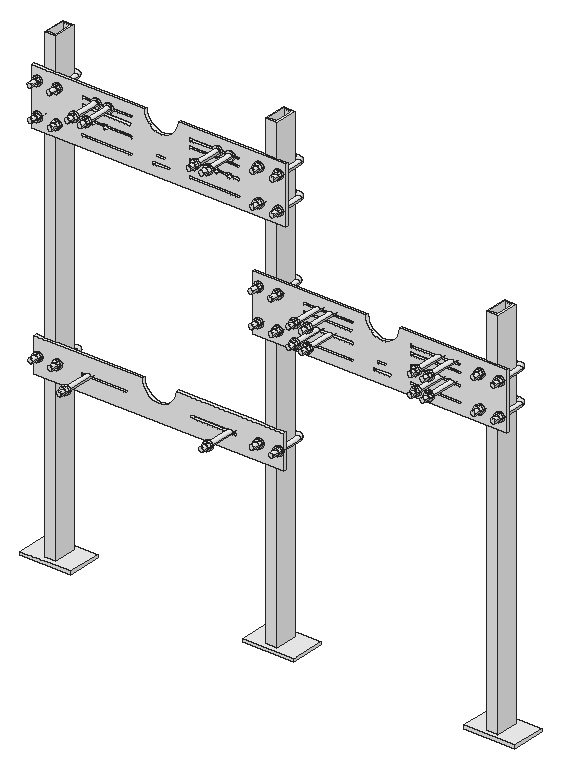
Revit family "Plumbing Fixture-Water_Closet_Carrier_Mifab_MC-33-2", category Plumbing Fixtures, host Face, Revit 2013
Parameters
  WFU = 0
  URL = "www.mifab.com"
  Model = "MC-33-2"
  Manufacturer = "MIFAB"
  Floor Drain Material = Paint - Sherwin Williams Paint - #952C2A - Bellwood Red
  Description = "Hanger Plate Carrier With Bearing Plate And Three Uprights"
  Default Elevation = 0.000"
  Assembly Code = ""
Reference planes (in)
  plane 1 "Center (Front/Back)": y = 0
  plane 2: z = 0
  plane 3 "Center (Left/Right)": x = 0
  plane 4: x = -19.62
  plane 5: x = 19.62
Forms (in)
  Extrusion 1, solid, material "Paint - Sherwin Williams Paint - #952C2A - Bellwood Red" <- "Floor Drain Material"
    sketch origin (-8.375, 0, 0) x (1, 0, 0) y (0, 1, 0)
      loop
        line (-13.495, 1.5) -> (-13.495, -1.5) -> (-8.995, -1.5) -> (-8.995, 1.5) -> (-13.495, 1.5)
      loop
        line (10.75, 1.5) -> (6.25, 1.5) -> (6.25, -1.5) -> (10.75, -1.5) -> (10.75, 1.5)
    from 0 to 0.25
  Extrusion 2, solid, material "Paint - Sherwin Williams Paint - #952C2A - Bellwood Red" <- "Floor Drain Material"
    sketch origin (-8.5, 0, 0) x (1, 0, 0) y (0, 1, 0)
      loop
        line (-11.62, 1) -> (-11.62, -1) -> (-10.62, -1) -> (-10.62, 1) -> (-11.62, 1)
      loop
        line (9, 1) -> (8, 1) -> (8, -1) -> (9, -1) -> (9, 1)
      loop
        line (-11.495, 0.875) -> (-11.495, -0.875) -> (-10.745, -0.875) -> (-10.745, 0.875) -> (-11.495, 0.875)
      loop
        line (8.875, 0.875) -> (8.125, 0.875) -> (8.125, -0.875) -> (8.875, -0.875) -> (8.875, 0.875)
    from 0.25 to 42
  Extrusion 3, solid, material "Paint - Sherwin Williams Paint - #952C2A - Bellwood Red" <- "Floor Drain Material"
    sketch origin (-8.45325, -1.5, 0) x (1, 0, 0) y (0, 0, 1)
      loop
        line (-12.58259, 39.14334) -> (-12.58259, 34.14334) -> (9.93635, 34.14334) -> (9.93635, 39.14334) -> (0.43635, 39.14334)
        arc (0.43635, 39.14334) -> (-1.06365, 37.64334) -> (-2.56365, 39.14334) r 1.5
        line (-2.56365, 39.14334) -> (-12.58259, 39.14334)
      loop
        circle (9.37144, 38.14334) r 0.25
      loop
        circle (7.62856, 38.14334) r 0.25
      loop
        line (5.79596, 38.25737) -> (5.275, 38.25737) -> (1.55275, 38.25737)
        arc (1.55275, 38.25737) -> (1.42775, 38.13237) -> (1.55275, 38.00737) r 0.125
        line (1.55275, 38.00737) -> (5.27785, 38.00737) -> (5.79596, 38.00737)
        arc (5.79596, 38.00737) -> (5.92096, 38.13237) -> (5.79596, 38.25737) r 0.125
      loop
        arc (-7.97644, 38.26834) -> (-8.10144, 38.14334) -> (-7.97644, 38.01834) r 0.125
        line (-7.97644, 38.01834) -> (-7.34088, 38.01834) -> (-3.73202, 38.01834)
        arc (-3.73202, 38.01834) -> (-3.60702, 38.14334) -> (-3.73202, 38.26834) r 0.125
        line (-3.73202, 38.26834) -> (-7.33802, 38.26834) -> (-7.97644, 38.26834)
      loop
        circle (9.37144, 35.14334) r 0.25
      loop
        circle (7.62856, 35.14334) r 0.25
      loop
        arc (5.81084, 35.01834) -> (5.93584, 35.14334) -> (5.81084, 35.26834) r 0.125
        line (5.81084, 35.26834) -> (1.56092, 35.26834)
        arc (1.56092, 35.26834) -> (1.43592, 35.14334) -> (1.56092, 35.01834) r 0.125
        line (1.56092, 35.01834) -> (5.81084, 35.01834)
      loop
        line (-7.98671, 35.01834) -> (-5.78802, 35.01834) -> (-3.73202, 35.01834)
        arc (-3.73202, 35.01834) -> (-3.60702, 35.14334) -> (-3.73202, 35.26834) r 0.125
        line (-3.73202, 35.26834) -> (-5.78517, 35.26834) -> (-7.98671, 35.26834)
        arc (-7.98671, 35.26834) -> (-8.11171, 35.14334) -> (-7.98671, 35.01834) r 0.125
      loop
        arc (-7.94106, 36.64334) -> (-8.06606, 36.51834) -> (-7.94106, 36.39334) r 0.125
        line (-7.94106, 36.39334) -> (-7.34088, 36.39334)
        arc (-7.34088, 36.39334) -> (-7.12296, 36.26587) -> (-6.90505, 36.39334) r 0.25
        line (-6.90505, 36.39334) -> (-6.221, 36.39334)
        arc (-6.221, 36.39334) -> (-6.00309, 36.26587) -> (-5.78517, 36.39334) r 0.25
        line (-5.78517, 36.39334) -> (-3.73202, 36.39334)
        arc (-3.73202, 36.39334) -> (-3.60702, 36.51834) -> (-3.73202, 36.64334) r 0.125
        line (-3.73202, 36.64334) -> (-5.78802, 36.64334)
        arc (-5.78802, 36.64334) -> (-6.00309, 36.76587) -> (-6.21815, 36.64334) r 0.25
        line (-6.21815, 36.64334) -> (-6.9079, 36.64334)
        arc (-6.9079, 36.64334) -> (-7.12296, 36.76587) -> (-7.33802, 36.64334) r 0.25
        line (-7.33802, 36.64334) -> (-7.94106, 36.64334)
      loop
        line (5.80154, 37.625) -> (5.14506, 37.625) -> (1.53905, 37.625)
        arc (1.53905, 37.625) -> (1.41405, 37.5) -> (1.53905, 37.375) r 0.125
        line (1.53905, 37.375) -> (5.14791, 37.375) -> (5.80154, 37.375)
        arc (5.80154, 37.375) -> (5.92654, 37.5) -> (5.80154, 37.625) r 0.125
      loop
        arc (-7.93631, 37.625) -> (-8.06131, 37.5) -> (-7.93631, 37.375) r 0.125
        line (-7.93631, 37.375) -> (-7.47082, 37.375) -> (-3.86196, 37.375)
        arc (-3.86196, 37.375) -> (-3.73696, 37.5) -> (-3.86196, 37.625) r 0.125
        line (-3.86196, 37.625) -> (-7.46796, 37.625) -> (-7.93631, 37.625)
      loop
        line (5.80375, 36.64334) -> (5.1815, 36.64334)
        arc (5.1815, 36.64334) -> (4.96643, 36.76587) -> (4.75137, 36.64334) r 0.25
        line (4.75137, 36.64334) -> (4.06162, 36.64334)
        arc (4.06162, 36.64334) -> (3.84656, 36.76587) -> (3.63149, 36.64334) r 0.25
        line (3.63149, 36.64334) -> (1.57549, 36.64334)
        arc (1.57549, 36.64334) -> (1.45049, 36.51834) -> (1.57549, 36.39334) r 0.125
        line (1.57549, 36.39334) -> (3.62864, 36.39334)
        arc (3.62864, 36.39334) -> (3.84656, 36.26587) -> (4.06447, 36.39334) r 0.25
        line (4.06447, 36.39334) -> (4.74852, 36.39334)
        arc (4.74852, 36.39334) -> (4.96643, 36.26587) -> (5.18435, 36.39334) r 0.25
        line (5.18435, 36.39334) -> (5.80375, 36.39334)
        arc (5.80375, 36.39334) -> (5.92875, 36.51834) -> (5.80375, 36.64334) r 0.125
      loop
        arc (-1.72687, 35.26834) -> (-1.85187, 35.14334) -> (-1.72687, 35.01834) r 0.125
        line (-1.72687, 35.01834) -> (-0.40043, 35.01834)
        arc (-0.40043, 35.01834) -> (-0.27543, 35.14334) -> (-0.40043, 35.26834) r 0.125
        line (-0.40043, 35.26834) -> (-1.72687, 35.26834)
      loop
        arc (-1.34624, 35.95824) -> (-1.47124, 35.83324) -> (-1.34624, 35.70824) r 0.125
        line (-1.34624, 35.70824) -> (-0.78106, 35.70824)
        arc (-0.78106, 35.70824) -> (-0.65606, 35.83324) -> (-0.78106, 35.95824) r 0.125
        line (-0.78106, 35.95824) -> (-1.34624, 35.95824)
      loop
        line (-12.38517, 17.66068) -> (-12.38517, 14.66068) -> (9.75, 14.66068) -> (9.75, 17.66068) -> (0.25, 17.66068)
        arc (0.25, 17.66068) -> (-1.25, 16.16068) -> (-2.75, 17.66068) r 1.5
        line (-2.75, 17.66068) -> (-12.38517, 17.66068)
      loop
        circle (9.37144, 16.14234) r 0.25
      loop
        circle (7.62856, 16.14234) r 0.25
      loop
        circle (-11.9745, 16.16441) r 0.25
      loop
        circle (-10.23161, 16.16441) r 0.25
      loop
        line (5.54399, 16.26734) -> (5.275, 16.26734)
        arc (5.275, 16.26734) -> (5.05994, 16.38987) -> (4.84488, 16.26734) r 0.25
        line (4.84488, 16.26734) -> (4.15512, 16.26734) -> (1.66899, 16.26734)
        arc (1.66899, 16.26734) -> (1.54399, 16.14234) -> (1.66899, 16.01734) r 0.125
        line (1.66899, 16.01734) -> (4.15797, 16.01734) -> (4.84203, 16.01734)
        arc (4.84203, 16.01734) -> (5.05994, 15.88987) -> (5.27785, 16.01734) r 0.25
        line (5.27785, 16.01734) -> (5.54399, 16.01734)
        arc (5.54399, 16.01734) -> (5.66899, 16.14234) -> (5.54399, 16.26734) r 0.125
      loop
        arc (-8.044, 16.26734) -> (-8.169, 16.14234) -> (-8.044, 16.01734) r 0.125
        line (-8.044, 16.01734) -> (-7.77786, 16.01734)
        arc (-7.77786, 16.01734) -> (-7.55995, 15.88987) -> (-7.34203, 16.01734) r 0.25
        line (-7.34203, 16.01734) -> (-6.65798, 16.01734) -> (-4.169, 16.01734)
        arc (-4.169, 16.01734) -> (-4.044, 16.14234) -> (-4.169, 16.26734) r 0.125
        line (-4.169, 16.26734) -> (-6.65513, 16.26734) -> (-7.34488, 16.26734)
        arc (-7.34488, 16.26734) -> (-7.55995, 16.38987) -> (-7.77501, 16.26734) r 0.25
        line (-7.77501, 16.26734) -> (-8.044, 16.26734)
    from -0.5 to -0.25
  Sweep 4, solid, material "Paint - Sherwin Williams Paint - #952C2A - Bellwood Red" <- "Floor Drain Material"
    path origin (-8.45325, 0, 0.48355) x (1, 0, 0) y (0, 1, 0)
      loop
        line (-12.03819, -2.1899) -> (-12.03819, 0.8101)
        arc (-12.03819, 0.8101) -> (-11.90935, 1.12116) -> (-11.5983, 1.25) r 0.4399
        line (-11.5983, 1.25) -> (-10.73521, 1.25)
        arc (-10.73521, 1.25) -> (-10.42415, 1.12116) -> (-10.29531, 0.8101) r 0.4399
        line (-10.29531, 0.8101) -> (-10.29531, -2.1899)
    profile origin (-20.49144, -0.6899, 0.48355) x (-1, 0, 0) y (0, 0, 1)
      loop
        circle (0, 37.63699) r 0.2
  Sweep 5, solid, material "Paint - Sherwin Williams Paint - #952C2A - Bellwood Red" <- "Floor Drain Material"
    path origin (-8.44915, 0.11634, 0.49005) x (-1, 0, 0) y (0, 1, 0)
      loop
        line (-9.37144, -2.1899) -> (-9.37144, 0.8101)
        arc (-9.37144, 0.8101) -> (-9.2426, 1.12116) -> (-8.93154, 1.25) r 0.4399
        line (-8.93154, 1.25) -> (-8.06846, 1.25)
        arc (-8.06846, 1.25) -> (-7.7574, 1.12116) -> (-7.62856, 0.8101) r 0.4399
        line (-7.62856, 0.8101) -> (-7.62856, -2.1899)
    profile origin (0.92229, -0.57356, 0.49005) x (-1, 0, 0) y (0, 0, 1)
      loop
        circle (0, 37.63699) r 0.2
  Extrusion 6, solid
    sketch origin (-8.45325, 0, 1.87253) x (1, 0, 0) y (0, 0, 1)
      loop
        circle (-12.03911, 36.22814) r 0.37861
      loop
        circle (-10.29547, 36.24287) r 0.37861
      loop
        circle (7.61517, 36.28023) r 0.37861
      loop
        circle (9.3588, 36.28812) r 0.37861
    from 1.25 to 1.375
  Extrusion 7, solid
    sketch origin (-8.45325, -2.25, 1.87253) x (1, 0, 0) y (0, 0, -1)
      loop
        circle (-12.02274, -36.25) r 0.37861
      loop
        circle (-10.27986, -36.25) r 0.37861
      loop
        circle (7.62856, -36.25) r 0.37861
      loop
        circle (9.37144, -36.25) r 0.37861
    from 1.25 to 1.375
  Extrusion 8, solid, material "Paint - Sherwin Williams Paint - #952C2A - Bellwood Red" <- "Floor Drain Material"
    sketch origin (-8.45325, 0, 0.5) x (1, 0, 0) y (0, 0, 1)
      loop
        circle (-5.72271, 37.62253) r 0.2
      loop
        circle (-6.84259, 37.62253) r 0.2
      loop
        circle (3.94006, 37.62253) r 0.2
      loop
        circle (5.05994, 37.62253) r 0.2
    from 0.73281 to 4.48435
  Extrusion 9, solid, material "Paint - Sherwin Williams Paint - #952C2A - Bellwood Red" <- "Floor Drain Material"
    sketch origin (-4.14174, -2.4273, -1.05033) x (1, 0, 0) y (0, 0, 1)
      loop
        line (-10.96815, 39.44845) -> (-11.34004, 39.44845) -> (-11.49915, 39.17286) -> (-11.32662, 38.87403) -> (-10.98157, 38.87403) -> (-10.80904, 39.17286) -> (-10.96815, 39.44845)
      loop
        circle (-11.15409, 39.17286) r 0.2
      loop
        line (-9.86169, 39.47169) -> (-10.20675, 39.47169) -> (-10.37928, 39.17286) -> (-10.20675, 38.87403) -> (-9.86169, 38.87403) -> (-9.68916, 39.17286) -> (-9.86169, 39.47169)
      loop
        circle (-10.03422, 39.17286) r 0.2
      loop
        line (-0.19891, 39.47169) -> (-0.54397, 39.47169) -> (-0.7165, 39.17286) -> (-0.54397, 38.87403) -> (-0.19891, 38.87403) -> (-0.02638, 39.17286) -> (-0.19891, 39.47169)
      loop
        circle (-0.37144, 39.17286) r 0.2
      loop
        line (0.92097, 39.47169) -> (0.57591, 39.47169) -> (0.40338, 39.17286) -> (0.57591, 38.87403) -> (0.92097, 38.87403) -> (1.09349, 39.17286) -> (0.92097, 39.47169)
      loop
        circle (0.74844, 39.17286) r 0.2
    from 1.375 to 1.625
  Extrusion 10, solid, material "Paint - Sherwin Williams Paint - #952C2A - Bellwood Red" <- "Floor Drain Material"
    sketch origin (-4.14174, 0, -1.05033) x (1, 0, 0) y (0, 0, 1)
      loop
        circle (-11.15409, 39.17286) r 0.37857
      loop
        circle (-10.03422, 39.17286) r 0.37857
      loop
        circle (-0.37144, 39.17286) r 0.37857
      loop
        circle (0.74844, 39.17286) r 0.37857
    from 1.25 to 1.375
  Extrusion 11, solid, material "Paint - Sherwin Williams Paint - #952C2A - Bellwood Red" <- "Floor Drain Material"
    sketch origin (-5.9244, -2.43499, -1.05033) x (1, 0, 0) y (0, 0, 1)
      loop
        circle (-9.37144, 39.17286) r 0.37857
      loop
        circle (-8.25156, 39.17286) r 0.37857
      loop
        circle (1.38443, 39.19154) r 0.37857
      loop
        circle (2.53025, 39.1717) r 0.37857
    from 1.25 to 1.36732
  Extrusion 12, solid, material "Paint - Sherwin Williams Paint - #952C2A - Bellwood Red" <- "Floor Drain Material"
    sketch origin (3.12, 0, 0) x (1, 0, 0) y (0, 1, 0)
      loop
        line (17, 1) -> (16, 1) -> (16, -1) -> (17, -1) -> (17, 1)
      loop
        line (16.875, 0.875) -> (16.125, 0.875) -> (16.125, -0.875) -> (16.875, -0.875) -> (16.875, 0.875)
    from 0 to 33.54588
  Extrusion 13, solid, material "Paint - Sherwin Williams Paint - #952C2A - Bellwood Red" <- "Floor Drain Material"
    sketch origin (3.12, 0, 0) x (1, 0, 0) y (0, 1, 0)
      loop
        line (18.875, 1.5) -> (14.375, 1.5) -> (14.375, -1.5) -> (18.875, -1.5) -> (18.875, 1.5)
    from 0 to 0.25
  Extrusion 14, solid, material "Paint - Sherwin Williams Paint - #952C2A - Bellwood Red" <- "Floor Drain Material"
    sketch origin (-8.46566, 0, -21.47824) x (1, 0, 0) y (0, 0, 1)
      loop
        circle (-7.55518, 37.62253) r 0.2
      loop
        circle (5.05994, 37.62253) r 0.2
    from 0.73281 to 4.48435
  Extrusion 15, solid, material "Paint - Sherwin Williams Paint - #952C2A - Bellwood Red" <- "Floor Drain Material"
    sketch origin (-4.15415, -2.4273, -23.02857) x (1, 0, 0) y (0, 0, 1)
      loop
        line (-11.69891, 39.47169) -> (-12.04397, 39.47169) -> (-12.2165, 39.17286) -> (-12.04397, 38.87403) -> (-11.69891, 38.87403) -> (-11.52638, 39.17286) -> (-11.69891, 39.47169)
      loop
        circle (-11.87144, 39.17286) r 0.2
      loop
        line (0.92097, 39.47169) -> (0.57591, 39.47169) -> (0.40338, 39.17286) -> (0.57591, 38.87403) -> (0.92097, 38.87403) -> (1.09349, 39.17286) -> (0.92097, 39.47169)
      loop
        circle (0.74844, 39.17286) r 0.2
    from 1.375 to 1.625
  Extrusion 16, solid, material "Paint - Sherwin Williams Paint - #952C2A - Bellwood Red" <- "Floor Drain Material"
    sketch origin (-4.15501, -2.43499, -23.01671) x (1, 0, 0) y (0, 0, 1)
      loop
        circle (-11.87922, 39.15658) r 0.37857
      loop
        circle (0.74844, 39.17286) r 0.37857
    from 1.25 to 1.375
  Extrusion 17, solid
    sketch origin (-8.45325, 0, -20.07957) x (1, 0, 0) y (0, 0, 1)
      loop
        circle (-12.00225, 36.2334) r 0.37861
      loop
        circle (-10.27451, 36.24625) r 0.37861
      loop
        circle (7.62856, 36.25) r 0.37861
      loop
        circle (9.37144, 36.25) r 0.37861
    from 1.25 to 1.375
  Sweep 18, solid, material "Paint - Sherwin Williams Paint - #952C2A - Bellwood Red" <- "Floor Drain Material"
    path origin (-8.44915, 0.05995, -21.44864) x (-1, 0, 0) y (0, 1, 0)
      loop
        line (-9.37144, -2.1899) -> (-9.37144, 0.8101)
        arc (-9.37144, 0.8101) -> (-9.2426, 1.12116) -> (-8.93154, 1.25) r 0.4399
        line (-8.93154, 1.25) -> (-8.06846, 1.25)
        arc (-8.06846, 1.25) -> (-7.7574, 1.12116) -> (-7.62856, 0.8101) r 0.4399
        line (-7.62856, 0.8101) -> (-7.62856, -2.1899)
    profile origin (0.92229, -0.62995, -21.44864) x (-1, 0, 0) y (0, 0, 1)
      loop
        circle (0, 37.63699) r 0.2
  Extrusion 19, solid, material "Paint - Sherwin Williams Paint - #952C2A - Bellwood Red" <- "Floor Drain Material"
    sketch origin (-8.45325, 0, -20.07957) x (1, 0, 0) y (0, 0, 1)
      loop
        line (9.19891, 36.54883) -> (9.02638, 36.25) -> (9.19891, 35.95117) -> (9.54397, 35.95117) -> (9.7165, 36.25) -> (9.54397, 36.54883) -> (9.19891, 36.54883)
      loop
        line (7.45603, 36.54883) -> (7.2835, 36.25) -> (7.45603, 35.95117) -> (7.80109, 35.95117) -> (7.97362, 36.25) -> (7.80109, 36.54883) -> (7.45603, 36.54883)
      loop
        circle (9.37144, 36.25) r 0.2
      loop
        circle (7.62856, 36.25) r 0.2
      loop
        line (-11.83034, 36.54883) -> (-12.1754, 36.54883) -> (-12.34793, 36.25) -> (-12.1754, 35.95117) -> (-11.83034, 35.95117) -> (-11.65781, 36.25) -> (-11.83034, 36.54883)
      loop
        line (-10.08746, 36.54883) -> (-10.43252, 36.54883) -> (-10.60505, 36.25) -> (-10.43252, 35.95117) -> (-10.08746, 35.95117) -> (-9.91493, 36.25) -> (-10.08746, 36.54883)
      loop
        circle (-12.02087, 36.27126) r 0.2
      loop
        circle (-10.25999, 36.25) r 0.2
    from 1.375 to 1.625
  Sweep 20, solid, material "Paint - Sherwin Williams Paint - #952C2A - Bellwood Red" <- "Floor Drain Material"
    path origin (-11.14405, 0.10934, -2.39908) x (1, 0, 0) y (0, 1, 0)
      loop
        line (-9.37144, -2.1899) -> (-9.37144, 0.8101)
        arc (-9.37144, 0.8101) -> (-9.2426, 1.12116) -> (-8.93154, 1.25) r 0.4399
        line (-8.93154, 1.25) -> (-8.06846, 1.25)
        arc (-8.06846, 1.25) -> (-7.7574, 1.12116) -> (-7.62856, 0.8101) r 0.4399
        line (-7.62856, 0.8101) -> (-7.62856, -2.1899)
    profile origin (-20.51549, -0.58056, -2.39908) x (-1, 0, 0) y (0, 0, 1)
      loop
        circle (0, 37.63699) r 0.2
  Extrusion 21, solid, material "Paint - Sherwin Williams Paint - #952C2A - Bellwood Red" <- "Floor Drain Material"
    sketch origin (-11.28584, 0, -0.92814) x (1, 0, 0) y (0, 0, 1)
      loop
        line (12.01776, 36.50344) -> (11.84523, 36.20461) -> (12.01776, 35.90578) -> (12.36282, 35.90578) -> (12.53535, 36.20461) -> (12.36282, 36.50344) -> (12.01776, 36.50344)
      loop
        line (10.27488, 36.50344) -> (10.10235, 36.20461) -> (10.27488, 35.90578) -> (10.61994, 35.90578) -> (10.79247, 36.20461) -> (10.61994, 36.50344) -> (10.27488, 36.50344)
      loop
        circle (12.19029, 36.20461) r 0.2
      loop
        circle (10.44741, 36.20461) r 0.2
      loop
        line (-9.02571, 36.44883) -> (-9.37077, 36.44883) -> (-9.5433, 36.15) -> (-9.37077, 35.85117) -> (-9.02571, 35.85117) -> (-8.85318, 36.15) -> (-9.02571, 36.44883)
      loop
        line (-7.31359, 36.44883) -> (-7.65865, 36.44883) -> (-7.83118, 36.15) -> (-7.65865, 35.85117) -> (-7.31359, 35.85117) -> (-7.14106, 36.15) -> (-7.31359, 36.44883)
      loop
        circle (-9.21623, 36.17126) r 0.2
      loop
        circle (-7.48612, 36.15) r 0.2
    from 1.375 to 1.625
  Extrusion 22, solid
    sketch origin (-11.28584, 0, -0.92814) x (1, 0, 0) y (0, 0, 1)
      loop
        circle (-9.21119, 36.15884) r 0.37861
      loop
        circle (-7.48593, 36.14059) r 0.37861
      loop
        circle (10.44938, 36.19426) r 0.37861
      loop
        circle (12.19227, 36.19426) r 0.37861
    from 1.25 to 1.375
  Extrusion 23, solid, material "Paint - Sherwin Williams Paint - #952C2A - Bellwood Red" <- "Floor Drain Material"
    sketch origin (-11.10217, 0, 1.84929) x (1, 0, 0) y (0, 0, 1)
      loop
        line (11.84456, 36.60344) -> (11.67203, 36.30461) -> (11.84456, 36.00578) -> (12.18961, 36.00578) -> (12.36214, 36.30461) -> (12.18961, 36.60344) -> (11.84456, 36.60344)
      loop
        line (10.10167, 36.60344) -> (9.92914, 36.30461) -> (10.10167, 36.00578) -> (10.44673, 36.00578) -> (10.61926, 36.30461) -> (10.44673, 36.60344) -> (10.10167, 36.60344)
      loop
        circle (12.01709, 36.30461) r 0.2
      loop
        circle (10.2742, 36.30461) r 0.2
      loop
        line (-9.19891, 36.54883) -> (-9.54397, 36.54883) -> (-9.7165, 36.25) -> (-9.54397, 35.95117) -> (-9.19891, 35.95117) -> (-9.02638, 36.25) -> (-9.19891, 36.54883)
      loop
        line (-7.45603, 36.54883) -> (-7.80109, 36.54883) -> (-7.97362, 36.25) -> (-7.80109, 35.95117) -> (-7.45603, 35.95117) -> (-7.2835, 36.25) -> (-7.45603, 36.54883)
      loop
        circle (-9.38944, 36.27126) r 0.2
      loop
        circle (-7.62856, 36.25) r 0.2
    from 1.375 to 1.625
  Extrusion 24, solid
    sketch origin (-8.45325, -2.25, -1.00447) x (1, 0, 0) y (0, 0, -1)
      loop
        circle (-12.02274, -36.25) r 0.37861
      loop
        circle (-10.27986, -36.25) r 0.37861
      loop
        circle (7.62856, -36.25) r 0.37861
      loop
        circle (9.37144, -36.25) r 0.37861
    from 1.25 to 1.375
  Sweep 25, solid, material "Paint - Sherwin Williams Paint - #952C2A - Bellwood Red" <- "Floor Drain Material"
    path origin (-8.44915, 0.11634, -2.36132) x (-1, 0, 0) y (0, 1, 0)
      loop
        line (-9.37144, -2.1899) -> (-9.37144, 0.8101)
        arc (-9.37144, 0.8101) -> (-9.2426, 1.12116) -> (-8.93154, 1.25) r 0.4399
        line (-8.93154, 1.25) -> (-8.06846, 1.25)
        arc (-8.06846, 1.25) -> (-7.7574, 1.12116) -> (-7.62856, 0.8101) r 0.4399
        line (-7.62856, 0.8101) -> (-7.62856, -2.1899)
    profile origin (0.92229, -0.57356, -2.36132) x (-1, 0, 0) y (0, 0, 1)
      loop
        circle (0, 37.63699) r 0.2
  Sweep 26, solid, material "Paint - Sherwin Williams Paint - #952C2A - Bellwood Red" <- "Floor Drain Material"
    path origin (-28.08548, 0.05995, -21.44864) x (-1, 0, 0) y (0, 1, 0)
      loop
        line (-9.37144, -2.1899) -> (-9.37144, 0.8101)
        arc (-9.37144, 0.8101) -> (-9.2426, 1.12116) -> (-8.93154, 1.25) r 0.4399
        line (-8.93154, 1.25) -> (-8.06846, 1.25)
        arc (-8.06846, 1.25) -> (-7.7574, 1.12116) -> (-7.62856, 0.8101) r 0.4399
        line (-7.62856, 0.8101) -> (-7.62856, -2.1899)
    profile origin (-18.71404, -0.62995, -21.44864) x (-1, 0, 0) y (0, 0, 1)
      loop
        circle (0, 37.63699) r 0.2
  Extrusion 27, solid, material "Paint - Sherwin Williams Paint - #952C2A - Bellwood Red" <- "Floor Drain Material"
    sketch origin (11.16675, -1.5, 0) x (1, 0, 0) y (0, 0, 1)
      loop
        line (-12.58259, 29.64334) -> (-12.58259, 24.64334) -> (9.93635, 24.64334) -> (9.93635, 29.64334) -> (0.43635, 29.64334)
        arc (0.43635, 29.64334) -> (-1.06365, 28.14334) -> (-2.56365, 29.64334) r 1.5
        line (-2.56365, 29.64334) -> (-12.58259, 29.64334)
      loop
        circle (9.37144, 28.64334) r 0.25
      loop
        circle (7.62856, 28.64334) r 0.25
      loop
        line (5.79596, 28.75737) -> (5.275, 28.75737) -> (1.55275, 28.75737)
        arc (1.55275, 28.75737) -> (1.42775, 28.63237) -> (1.55275, 28.50737) r 0.125
        line (1.55275, 28.50737) -> (5.27785, 28.50737) -> (5.79596, 28.50737)
        arc (5.79596, 28.50737) -> (5.92096, 28.63237) -> (5.79596, 28.75737) r 0.125
      loop
        arc (-7.97644, 28.76834) -> (-8.10144, 28.64334) -> (-7.97644, 28.51834) r 0.125
        line (-7.97644, 28.51834) -> (-7.34088, 28.51834) -> (-3.73202, 28.51834)
        arc (-3.73202, 28.51834) -> (-3.60702, 28.64334) -> (-3.73202, 28.76834) r 0.125
        line (-3.73202, 28.76834) -> (-7.33802, 28.76834) -> (-7.97644, 28.76834)
      loop
        circle (9.36609, 25.76934) r 0.25
      loop
        circle (7.62563, 25.76934) r 0.25
      loop
        arc (5.81084, 25.51834) -> (5.93584, 25.64334) -> (5.81084, 25.76834) r 0.125
        line (5.81084, 25.76834) -> (1.56092, 25.76834)
        arc (1.56092, 25.76834) -> (1.43592, 25.64334) -> (1.56092, 25.51834) r 0.125
        line (1.56092, 25.51834) -> (5.81084, 25.51834)
      loop
        line (-7.98671, 25.51834) -> (-5.78802, 25.51834) -> (-3.73202, 25.51834)
        arc (-3.73202, 25.51834) -> (-3.60702, 25.64334) -> (-3.73202, 25.76834) r 0.125
        line (-3.73202, 25.76834) -> (-5.78517, 25.76834) -> (-7.98671, 25.76834)
        arc (-7.98671, 25.76834) -> (-8.11171, 25.64334) -> (-7.98671, 25.51834) r 0.125
      loop
        arc (-7.94106, 27.14334) -> (-8.06606, 27.01834) -> (-7.94106, 26.89334) r 0.125
        line (-7.94106, 26.89334) -> (-7.34088, 26.89334) -> (-3.73202, 26.89334)
        arc (-3.73202, 26.89334) -> (-3.60702, 27.01834) -> (-3.73202, 27.14334) r 0.125
        line (-3.73202, 27.14334) -> (-7.33802, 27.14334) -> (-7.94106, 27.14334)
      loop
        line (5.80154, 28.125) -> (5.14506, 28.125) -> (1.53905, 28.125)
        arc (1.53905, 28.125) -> (1.41405, 28) -> (1.53905, 27.875) r 0.125
        line (1.53905, 27.875) -> (5.14791, 27.875) -> (5.80154, 27.875)
        arc (5.80154, 27.875) -> (5.92654, 28) -> (5.80154, 28.125) r 0.125
      loop
        arc (-7.93631, 28.125) -> (-8.06131, 28) -> (-7.93631, 27.875) r 0.125
        line (-7.93631, 27.875) -> (-7.47082, 27.875) -> (-3.86196, 27.875)
        arc (-3.86196, 27.875) -> (-3.73696, 28) -> (-3.86196, 28.125) r 0.125
        line (-3.86196, 28.125) -> (-7.46796, 28.125) -> (-7.93631, 28.125)
      loop
        line (5.80375, 27.14334) -> (5.1815, 27.14334)
        arc (5.1815, 27.14334) -> (4.96643, 27.26587) -> (4.75137, 27.14334) r 0.25
        line (4.75137, 27.14334) -> (4.06162, 27.14334)
        arc (4.06162, 27.14334) -> (3.84656, 27.26587) -> (3.63149, 27.14334) r 0.25
        line (3.63149, 27.14334) -> (1.57549, 27.14334)
        arc (1.57549, 27.14334) -> (1.45049, 27.01834) -> (1.57549, 26.89334) r 0.125
        line (1.57549, 26.89334) -> (3.62864, 26.89334)
        arc (3.62864, 26.89334) -> (3.84656, 26.76587) -> (4.06447, 26.89334) r 0.25
        line (4.06447, 26.89334) -> (4.74852, 26.89334)
        arc (4.74852, 26.89334) -> (4.96643, 26.76587) -> (5.18435, 26.89334) r 0.25
        line (5.18435, 26.89334) -> (5.80375, 26.89334)
        arc (5.80375, 26.89334) -> (5.92875, 27.01834) -> (5.80375, 27.14334) r 0.125
      loop
        arc (-1.72687, 25.76834) -> (-1.85187, 25.64334) -> (-1.72687, 25.51834) r 0.125
        line (-1.72687, 25.51834) -> (-0.40043, 25.51834)
        arc (-0.40043, 25.51834) -> (-0.27543, 25.64334) -> (-0.40043, 25.76834) r 0.125
        line (-0.40043, 25.76834) -> (-1.72687, 25.76834)
      loop
        arc (-1.34624, 26.45824) -> (-1.47124, 26.33324) -> (-1.34624, 26.20824) r 0.125
        line (-1.34624, 26.20824) -> (-0.78106, 26.20824)
        arc (-0.78106, 26.20824) -> (-0.65606, 26.33324) -> (-0.78106, 26.45824) r 0.125
        line (-0.78106, 26.45824) -> (-1.34624, 26.45824)
      loop
        circle (-12.04957, 28.61725) r 0.25
      loop
        circle (-10.29775, 28.61725) r 0.25
      loop
        circle (-12.05661, 25.73045) r 0.25
      loop
        circle (-10.33269, 25.74048) r 0.25
    from -0.5 to -0.25
  Sweep 28, solid, material "Paint - Sherwin Williams Paint - #952C2A - Bellwood Red" <- "Floor Drain Material"
    path origin (11.16675, 0, -9.01645) x (1, 0, 0) y (0, 1, 0)
      loop
        line (-12.03819, -2.1899) -> (-12.03819, 0.8101)
        arc (-12.03819, 0.8101) -> (-11.90935, 1.12116) -> (-11.5983, 1.25) r 0.4399
        line (-11.5983, 1.25) -> (-10.73521, 1.25)
        arc (-10.73521, 1.25) -> (-10.42415, 1.12116) -> (-10.29531, 0.8101) r 0.4399
        line (-10.29531, 0.8101) -> (-10.29531, -2.1899)
    profile origin (-0.87144, -0.6899, -9.01645) x (-1, 0, 0) y (0, 0, 1)
      loop
        circle (0, 37.63699) r 0.2
  Sweep 29, solid, material "Paint - Sherwin Williams Paint - #952C2A - Bellwood Red" <- "Floor Drain Material"
    path origin (11.17085, 0.11634, -9.00995) x (-1, 0, 0) y (0, 1, 0)
      loop
        line (-9.37144, -2.1899) -> (-9.37144, 0.8101)
        arc (-9.37144, 0.8101) -> (-9.2426, 1.12116) -> (-8.93154, 1.25) r 0.4399
        line (-8.93154, 1.25) -> (-8.06846, 1.25)
        arc (-8.06846, 1.25) -> (-7.7574, 1.12116) -> (-7.62856, 0.8101) r 0.4399
        line (-7.62856, 0.8101) -> (-7.62856, -2.1899)
    profile origin (20.54229, -0.57356, -9.00995) x (-1, 0, 0) y (0, 0, 1)
      loop
        circle (0, 37.63699) r 0.2
  Sweep 30, solid, material "Paint - Sherwin Williams Paint - #952C2A - Bellwood Red" <- "Floor Drain Material"
    path origin (8.47595, 0.10934, -11.89908) x (1, 0, 0) y (0, 1, 0)
      loop
        line (-9.37144, -2.1899) -> (-9.37144, 0.8101)
        arc (-9.37144, 0.8101) -> (-9.2426, 1.12116) -> (-8.93154, 1.25) r 0.4399
        line (-8.93154, 1.25) -> (-8.06846, 1.25)
        arc (-8.06846, 1.25) -> (-7.7574, 1.12116) -> (-7.62856, 0.8101) r 0.4399
        line (-7.62856, 0.8101) -> (-7.62856, -2.1899)
    profile origin (-0.89549, -0.58056, -11.89908) x (-1, 0, 0) y (0, 0, 1)
      loop
        circle (0, 37.63699) r 0.2
  Sweep 31, solid, material "Paint - Sherwin Williams Paint - #952C2A - Bellwood Red" <- "Floor Drain Material"
    path origin (11.17085, 0.11634, -11.86132) x (-1, 0, 0) y (0, 1, 0)
      loop
        line (-9.37144, -2.1899) -> (-9.37144, 0.8101)
        arc (-9.37144, 0.8101) -> (-9.2426, 1.12116) -> (-8.93154, 1.25) r 0.4399
        line (-8.93154, 1.25) -> (-8.06846, 1.25)
        arc (-8.06846, 1.25) -> (-7.7574, 1.12116) -> (-7.62856, 0.8101) r 0.4399
        line (-7.62856, 0.8101) -> (-7.62856, -2.1899)
    profile origin (20.54229, -0.57356, -11.86132) x (-1, 0, 0) y (0, 0, 1)
      loop
        circle (0, 37.63699) r 0.2
  Extrusion 32, solid, material "Paint - Sherwin Williams Paint - #952C2A - Bellwood Red" <- "Floor Drain Material"
    sketch origin (8.33416, 0, -10.42814) x (1, 0, 0) y (0, 0, 1)
      loop
        line (12.01776, 36.50344) -> (11.84523, 36.20461) -> (12.01776, 35.90578) -> (12.36282, 35.90578) -> (12.53535, 36.20461) -> (12.36282, 36.50344) -> (12.01776, 36.50344)
      loop
        line (10.27488, 36.50344) -> (10.10235, 36.20461) -> (10.27488, 35.90578) -> (10.61994, 35.90578) -> (10.79247, 36.20461) -> (10.61994, 36.50344) -> (10.27488, 36.50344)
      loop
        circle (12.19029, 36.20461) r 0.2
      loop
        circle (10.44741, 36.20461) r 0.2
      loop
        line (-9.02571, 36.44883) -> (-9.37077, 36.44883) -> (-9.5433, 36.15) -> (-9.37077, 35.85117) -> (-9.02571, 35.85117) -> (-8.85318, 36.15) -> (-9.02571, 36.44883)
      loop
        line (-7.31359, 36.44883) -> (-7.65865, 36.44883) -> (-7.83118, 36.15) -> (-7.65865, 35.85117) -> (-7.31359, 35.85117) -> (-7.14106, 36.15) -> (-7.31359, 36.44883)
      loop
        circle (-9.21623, 36.17126) r 0.2
      loop
        circle (-7.48612, 36.15) r 0.2
    from 1.375 to 1.625
  Extrusion 33, solid
    sketch origin (8.33416, 0, -10.42814) x (1, 0, 0) y (0, 0, 1)
      loop
        circle (-9.21119, 36.15884) r 0.37861
      loop
        circle (-7.48593, 36.14059) r 0.37861
      loop
        circle (10.44938, 36.19426) r 0.37861
      loop
        circle (12.19227, 36.19426) r 0.37861
    from 1.25 to 1.375
  Extrusion 34, solid
    sketch origin (11.16675, -2.25, -10.50447) x (1, 0, 0) y (0, 0, -1)
      loop
        circle (-12.02274, -36.25) r 0.37861
      loop
        circle (-10.27986, -36.25) r 0.37861
      loop
        circle (7.62856, -36.25) r 0.37861
      loop
        circle (9.37144, -36.25) r 0.37861
    from 1.25 to 1.375
  Extrusion 35, solid
    sketch origin (11.15927, 0, -7.66024) x (1, 0, 0) y (0, 0, 1)
      loop
        circle (-12.03486, 36.26747) r 0.37861
      loop
        circle (-10.28845, 36.28912) r 0.37861
      loop
        circle (7.61517, 36.28023) r 0.37861
      loop
        circle (9.3588, 36.28812) r 0.37861
    from 1.25 to 1.375
  Extrusion 36, solid, material "Paint - Sherwin Williams Paint - #952C2A - Bellwood Red" <- "Floor Drain Material"
    sketch origin (8.51034, 0, -7.68349) x (1, 0, 0) y (0, 0, 1)
      loop
        line (11.84456, 36.60344) -> (11.67203, 36.30461) -> (11.84456, 36.00578) -> (12.18961, 36.00578) -> (12.36214, 36.30461) -> (12.18961, 36.60344) -> (11.84456, 36.60344)
      loop
        line (10.10167, 36.60344) -> (9.92914, 36.30461) -> (10.10167, 36.00578) -> (10.44673, 36.00578) -> (10.61926, 36.30461) -> (10.44673, 36.60344) -> (10.10167, 36.60344)
      loop
        circle (12.01709, 36.30461) r 0.2
      loop
        circle (10.2742, 36.30461) r 0.2
      loop
        line (-7.81143, 36.60344) -> (-7.98396, 36.30461) -> (-7.81143, 36.00578) -> (-7.46637, 36.00578) -> (-7.29384, 36.30461) -> (-7.46637, 36.60344) -> (-7.81143, 36.60344)
      loop
        line (-9.55431, 36.60344) -> (-9.72684, 36.30461) -> (-9.55431, 36.00578) -> (-9.20925, 36.00578) -> (-9.03672, 36.30461) -> (-9.20925, 36.60344) -> (-9.55431, 36.60344)
      loop
        circle (-7.6389, 36.30461) r 0.2
      loop
        circle (-9.38178, 36.30461) r 0.2
    from 1.375 to 1.625
  Extrusion 37, solid
    sketch origin (11.16675, -2.25, -7.6531) x (1, 0, 0) y (0, 0, -1)
      loop
        circle (-12.02274, -36.25) r 0.37861
      loop
        circle (-10.27986, -36.25) r 0.37861
      loop
        circle (7.62856, -36.25) r 0.37861
      loop
        circle (9.37144, -36.25) r 0.37861
    from 1.25 to 1.375
  Extrusion 38, solid, material "Paint - Sherwin Williams Paint - #952C2A - Bellwood Red" <- "Floor Drain Material"
    sketch origin (11.16675, 0, -9) x (1, 0, 0) y (0, 0, 1)
      loop
        circle (-5.72271, 37.62253) r 0.2
      loop
        circle (-6.84259, 37.62253) r 0.2
      loop
        circle (3.94006, 37.62253) r 0.2
      loop
        circle (5.05994, 37.62253) r 0.2
    from 0.73281 to 4.48435
  Extrusion 39, solid, material "Paint - Sherwin Williams Paint - #952C2A - Bellwood Red" <- "Floor Drain Material"
    sketch origin (15.47826, -2.4273, -10.55033) x (1, 0, 0) y (0, 0, 1)
      loop
        line (-10.96815, 39.44845) -> (-11.34004, 39.44845) -> (-11.49915, 39.17286) -> (-11.32662, 38.87403) -> (-10.98157, 38.87403) -> (-10.80904, 39.17286) -> (-10.96815, 39.44845)
      loop
        circle (-11.15409, 39.17286) r 0.2
      loop
        line (-9.86169, 39.47169) -> (-10.20675, 39.47169) -> (-10.37928, 39.17286) -> (-10.20675, 38.87403) -> (-9.86169, 38.87403) -> (-9.68916, 39.17286) -> (-9.86169, 39.47169)
      loop
        circle (-10.03422, 39.17286) r 0.2
      loop
        line (-0.19891, 39.47169) -> (-0.54397, 39.47169) -> (-0.7165, 39.17286) -> (-0.54397, 38.87403) -> (-0.19891, 38.87403) -> (-0.02638, 39.17286) -> (-0.19891, 39.47169)
      loop
        circle (-0.37144, 39.17286) r 0.2
      loop
        line (0.92097, 39.47169) -> (0.57591, 39.47169) -> (0.40338, 39.17286) -> (0.57591, 38.87403) -> (0.92097, 38.87403) -> (1.09349, 39.17286) -> (0.92097, 39.47169)
      loop
        circle (0.74844, 39.17286) r 0.2
    from 1.375 to 1.625
  Extrusion 40, solid, material "Paint - Sherwin Williams Paint - #952C2A - Bellwood Red" <- "Floor Drain Material"
    sketch origin (13.6956, -2.43499, -10.55033) x (1, 0, 0) y (0, 0, 1)
      loop
        circle (-9.37144, 39.17286) r 0.37857
      loop
        circle (-8.25156, 39.17286) r 0.37857
      loop
        circle (1.38443, 39.19154) r 0.37857
      loop
        circle (2.53025, 39.1717) r 0.37857
    from 1.25 to 1.36732
  Extrusion 41, solid, material "Paint - Sherwin Williams Paint - #952C2A - Bellwood Red" <- "Floor Drain Material"
    sketch origin (11.16675, 0, -10.6501) x (1, 0, 0) y (0, 0, 1)
      loop
        circle (-5.72271, 37.62253) r 0.2
      loop
        circle (-6.84259, 37.62253) r 0.2
      loop
        circle (3.94006, 37.62253) r 0.2
      loop
        circle (5.05994, 37.62253) r 0.2
    from 0.73281 to 4.48435
  Extrusion 42, solid, material "Paint - Sherwin Williams Paint - #952C2A - Bellwood Red" <- "Floor Drain Material"
    sketch origin (15.47826, -2.4273, -12.20043) x (1, 0, 0) y (0, 0, 1)
      loop
        line (-10.96815, 39.44845) -> (-11.34004, 39.44845) -> (-11.49915, 39.17286) -> (-11.32662, 38.87403) -> (-10.98157, 38.87403) -> (-10.80904, 39.17286) -> (-10.96815, 39.44845)
      loop
        circle (-11.15409, 39.17286) r 0.2
      loop
        line (-9.86169, 39.47169) -> (-10.20675, 39.47169) -> (-10.37928, 39.17286) -> (-10.20675, 38.87403) -> (-9.86169, 38.87403) -> (-9.68916, 39.17286) -> (-9.86169, 39.47169)
      loop
        circle (-10.03422, 39.17286) r 0.2
      loop
        line (-0.19891, 39.47169) -> (-0.54397, 39.47169) -> (-0.7165, 39.17286) -> (-0.54397, 38.87403) -> (-0.19891, 38.87403) -> (-0.02638, 39.17286) -> (-0.19891, 39.47169)
      loop
        circle (-0.37144, 39.17286) r 0.2
      loop
        line (0.92097, 39.47169) -> (0.57591, 39.47169) -> (0.40338, 39.17286) -> (0.57591, 38.87403) -> (0.92097, 38.87403) -> (1.09349, 39.17286) -> (0.92097, 39.47169)
      loop
        circle (0.74844, 39.17286) r 0.2
    from 1.375 to 1.625
  Extrusion 43, solid, material "Paint - Sherwin Williams Paint - #952C2A - Bellwood Red" <- "Floor Drain Material"
    sketch origin (13.6956, -2.43499, -12.20043) x (1, 0, 0) y (0, 0, 1)
      loop
        circle (-9.37144, 39.17286) r 0.37857
      loop
        circle (-8.25156, 39.17286) r 0.37857
      loop
        circle (1.38443, 39.19154) r 0.37857
      loop
        circle (2.53025, 39.1717) r 0.37857
    from 1.25 to 1.36732
Cuts and joins
  joined: Extrusion 1, Extrusion 2, Extrusion 3, Sweep 4, Sweep 5, Extrusion 8, Extrusion 9, Extrusion 10, Extrusion 11, Extrusion 13
Dimensions and locks (in)
  Extrusion 3 sketch curve to Extrusion 3 sketch curve = 5.000"
  plane 4 to plane 3 "Center (Left/Right)" to plane 5 = 19.620", 19.620"
  Extrusion 27 sketch curve to Extrusion 27 sketch curve = 5.000"
  aligned and locked: plane 2 to host face
  aligned and locked: level to host face
  aligned and locked: Extrusion 2 to Extrusion 1
  aligned and locked: Extrusion 3 to Extrusion 2
  aligned and locked: Extrusion 6 to Extrusion 3
  aligned and locked: Extrusion 1 to level
  aligned and locked: Extrusion 13 to cut or joined group of Extrusion 1, Extrusion 2, Extrusion 3, Sweep 4, Sweep 5, Extrusion 8, Extrusion 9, Extrusion 10, Extrusion 11, Extrusion 13
  aligned and locked: Extrusion 3 sketch curve to Extrusion 3 sketch curve
  aligned and locked: Extrusion 27 sketch curve to Extrusion 27 sketch curve
